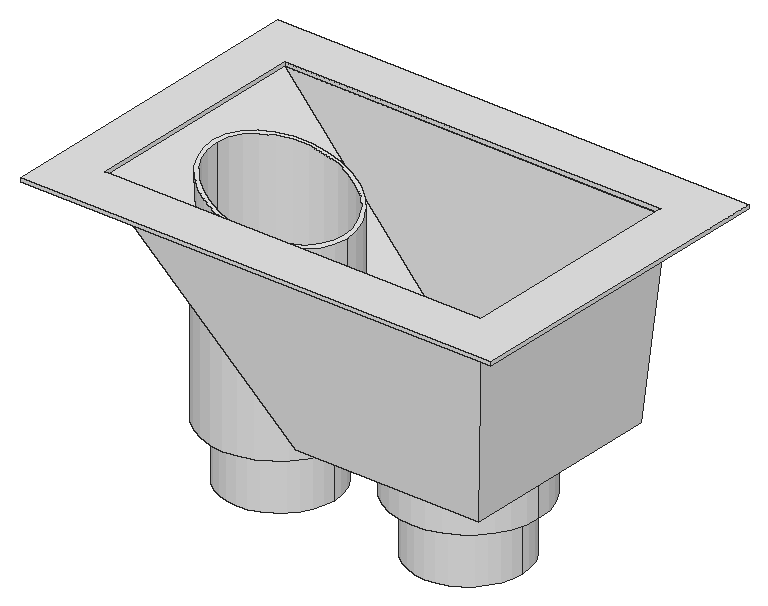
Revit family "Viking Roofspec Sump 06 M18", category Pipe Fittings, host Face, Revit 2021
Family settings
  Host = Face
  Round Connector Dimension = Use Diameter
  Part Type = Cap
  Cut with Voids When Loaded = No
  Shared = No
Parameters (values of type "Sumps - (with Weldable Flange) - IMR130T 580x380x249mmd+200mm outlet")
  URL = "www.vikingroofspec.co.nz"
  Type Comments = "Viking Roofspec sump / overflow IMR130T TPO weldable, installed as per manufacturers instructions."
  Pipe Diameter = 200 mm
  Overall Height = 389 mm
  Offset Pipe2 = 114 mm
  Offset Pipe1 = 137 mm
  Model = "IMR130T"
  Material = Viking Roofspec - Plastic White
  Manufacturer = "Viking Roofspec"  # constant formula
  Flow Out = 10.0 L/s
  Flange Cut Width = 380 mm
  Flange Cut Length = 580 mm
  Default Elevation = 0 mm
  Component = IMR130T : IMR130T
Reference planes
  plane 1 "Center (Front/Back)": y = 0
  plane 2: z = 0
  plane 3 "Center (Left/Right)": x = 0
  plane 4 "Pipe Connector": z = -389
  plane 5: x = -290
  plane 6: x = 290
  plane 7: y = -190
  plane 8: y = 190
Forms (mm)
  Extrusion 1, void
    sketch origin (0, 0, 0) x (1, 0, 0) y (0, 1, 0)
      loop
        circle (0, 0) r 115
    from -4 to 0
  Extrusion 2, void
    sketch origin (0, 0, 0) x (1, 0, 0) y (0, 1, 0)
      loop
        line (-290, 190) -> (-290, -190) -> (290, -190) -> (290, 190) -> (-290, 190)
    from 0 to -5
  Extrusion 3, void
    sketch origin (0, 0, 0) x (1, 0, 0) y (0, 1, 0)
      loop
        line (-265, 165) -> (-265, -165) -> (265, -165) -> (265, 165) -> (-265, 165)
    from 0 to -389
  Extrusion 4, solid, not visible
    sketch origin (0, 0, -389) x (0, -1, 0) y (1, 0, 0)
      loop
        circle (0, -137) r 35
    from 0 to 1
  Extrusion 5, solid, not visible
    sketch origin (149.817, 0, -389) x (0, -1, 0) y (1, 0, 0)
      loop
        circle (0, -35.817) r 35
    from 0 to 1
Dimensions and locks
  "Overall Height": host face to plane 4 "Pipe Connector"
  equal spacing: plane 5, plane 3 "Center (Left/Right)", plane 6
  equal spacing: plane 8, plane 1 "Center (Front/Back)", plane 7
  "Flange Cut Length": plane 5 to plane 6
  "Flange Cut Width": plane 8 to plane 7
  locked: plane 8 to Extrusion 3 sketch curve at 25
  locked: Extrusion 3 sketch curve to plane 7 at 25
  locked: plane 5 to Extrusion 3 sketch curve at 25
  locked: Extrusion 3 sketch curve to plane 6 at 25
  "Offset Pipe1": Extrusion 4 sketch curve to nested 1
  "Offset Pipe2": nested 1 to Extrusion 5 sketch curve
  diameter of Extrusion 1 sketch curve = 230 mm
  aligned and locked: plane 2 to host face
  aligned and locked: level to host face
  aligned and locked: Extrusion 2 to plane 5
  aligned and locked: plane 8 to Extrusion 2
  aligned and locked: plane 6 to Extrusion 2
  aligned and locked: Extrusion 2 to plane 7
  aligned and locked: Extrusion 3 to plane 4 "Pipe Connector"
Automatic sketch dimensions
  host sketch curve to host sketch curve = 2438.4 mm  (x2)
  plane 1 "Center (Front/Back)" to Extrusion 1 sketch curve = 0 mm
  Extrusion 1 sketch curve to plane 3 "Center (Left/Right)" = 0 mm
  Extrusion 2 sketch curve to plane 5 = 0 mm
  Extrusion 2 sketch curve to plane 6 = 0 mm
  Extrusion 2 sketch curve to plane 7 = 0 mm
  Extrusion 2 sketch curve to plane 8 = 0 mm
  plane 1 "Center (Front/Back)" to Extrusion 4 sketch curve = 0 mm
  plane 1 "Center (Front/Back)" to Extrusion 5 sketch curve = 0 mm
  radius of Extrusion 4 sketch curve = 35 mm
  radius of Extrusion 5 sketch curve = 35 mm
Nested families
  nested 1: "IMR130T" at (0, 0, 0), type <- "Component", Material <- "Material", type "IMR130T"
Connectors
  piping at (114, 0, -389), diameter 200, driven by "Pipe Diameter", driven by "Flow Out"
    settings: on Extrusion 5, index 4, connector inside diameter 609.6 mm, connector length 0 mm, flow factor 0, pipe flow 10.0 L/s, pressure drop 0.0 Pa, fitting loss kfactor 0, connector angle 0.00°, fixture units 0, engagement length 0 mm, angle of deflection 0.00°, flow configuration 1, flow direction 2, fitting loss method 4, system type 16, joint type 0, gender type 0, connector reference index -1, connector utility 0, adjustable connector no, is connector primary yes, connector description "Sump"
  piping at (-137, 0, -389), diameter 200, driven by "Pipe Diameter", driven by "Flow Out"
    settings: on Extrusion 4, index 5, connector inside diameter 609.6 mm, connector length 0 mm, flow factor 0, pipe flow 10.0 L/s, pressure drop 0.0 Pa, fitting loss kfactor 0, connector angle 0.00°, fixture units 0, engagement length 0 mm, angle of deflection 0.00°, flow configuration 1, flow direction 2, fitting loss method 4, system type 16, joint type 0, gender type 0, connector reference index -1, connector utility 0, adjustable connector no, is connector primary no, connector description "Sump Overflow"
Definition of nested family "IMR130T"
  Parameters (values of type "IMR130T")
    Material [instance] = none
    Default Elevation = 1219.2 mm
  Reference planes
    plane 1 "Center (Front/Back)": y = 0
    plane 2: z = 0
    plane 3 "Center (Left/Right)": x = 0
  Forms (mm)
    Revolve 1, solid, material <- "Material"
      sketch origin (-111.657, 0, -78.992) x (1, 0, 0) y (0, 0, 1)
        loop
          line (-98.172, -235.225) -> (-98.172, -310.021) -> (-25.672, -310.021) -> (-25.672, 55.02) -> (-120.672, 55.02) -> (-120.672, -235.225) -> (-98.172, -235.225)
        axis (-25.672, -310.021) -> (-25.672, 55.02)
      angle from 0 to 360
    Extrusion 2, solid, material <- "Material"
      sketch origin (0, 0, 0) x (0, 1, 0) y (0, 0, 1)
        loop
          line (-190, 0) -> (-190, -5) -> (-154.571, -5) -> (-134.998, -249.217) -> (134.998, -249.217) -> (154.571, -5) -> (190, -5) -> (190, 0) -> (-190, 0)
      from -287.697 to 291.503
    Extrusion 3, void
      sketch origin (0, 0, 0) x (1, 0, 0) y (0, 0, 1)
        loop
          line (-308.389, -5) -> (-308.389, -268.338) -> (6.969, -268.338) -> (6.969, -264.634) -> (-253.525, -5) -> (-308.389, -5)
      from -198.718 to 250
    Extrusion 4, void
      sketch origin (0, 0, 0) x (-1, 0, 0) y (0, 0, -1)
        loop
          line (-307.108, 5) -> (-256.074, 5) -> (-234.969, 268.338) -> (-307.108, 268.338) -> (-307.108, 5)
      from -198.718 to 250
    Blend 5, void
      base sketch origin (0, 0, 0) x (1, 0, 0) y (0, 1, 0)
        loop
          line (251.472, 149.971) -> (-251.527, 149.971) -> (-251.527, -149.971) -> (251.472, -149.971) -> (251.472, 149.971)
      top sketch origin (0, 0, 0) x (1, 0, 0) y (0, 1, 0)
        loop
          line (-6.537, 130.389) -> (-6.537, -130.389) -> (231.895, -130.389) -> (231.895, 130.389) -> (-6.537, 130.389)
      from 0 to -244.217
    Revolve 6, solid, material <- "Material"
      sketch origin (-50.015, 0, 0) x (1, 0, 0) y (0, 0, 1)
        loop
          line (-177.314, -10.591) -> (-177.314, -228.95) -> (-172.314, -228.95) -> (-172.314, -10.591) -> (-177.314, -10.591)
        axis (-87.314, -228.95) -> (-87.314, -10.591)
      angle from 0 to 360
    Extrusion 7, void
      sketch origin (-50.015, 0, 0) x (1, 0, 0) y (0, 0, 1)
        loop
          line (-181.78, -13.161) -> (7.82, -70.896) -> (7.82, -8.113) -> (-181.78, -8.113) -> (-181.78, -13.161)
      from -115.899 to 102.256
    Extrusion 8, void
      sketch origin (-166.443, 0, 0) x (1, 0, 0) y (0, 1, 0)
        loop
          circle (29.114, 0) r 85
      from -16.513 to -309.217
    Revolve 9, solid, material <- "Material"
      sketch origin (139.673, 0, -78.992) x (1, 0, 0) y (0, 0, 1)
        loop
          line (-98.172, -235.225) -> (-98.172, -310.021) -> (-25.672, -310.021) -> (-25.672, -167.008) -> (-120.672, -167.008) -> (-120.672, -235.225) -> (-98.172, -235.225)
        axis (-25.672, -310.021) -> (-25.672, -167.008)
      angle from 0 to 360
    Extrusion 10, void
      sketch origin (0, 0, 0) x (1, 0, 0) y (0, 1, 0)
        loop
          circle (114.001, 0) r 90
      from -309.217 to -228.95
    Extrusion 11, solid, material <- "Material"
      sketch origin (0, 0, 0) x (1, 0, 0) y (0, 1, 0)
        loop
          line (-312.697, 215) -> (-312.697, -215) -> (316.503, -215) -> (316.503, 215) -> (-312.697, 215)
        loop
          line (-251.527, 149.971) -> (-251.527, -149.971) -> (251.472, -149.971) -> (251.472, 149.971) -> (-251.527, 149.971)
      from 0 to 5
  Cuts and joins
    Blend 5, Extrusion 8 cuts Revolve 1
    Extrusion 3, Extrusion 4, Blend 5, Extrusion 8, Extrusion 10 cuts Extrusion 2
    Extrusion 7 cuts Revolve 6
    Extrusion 10 cuts Revolve 9
    joined: Revolve 1, Extrusion 2, Revolve 6, Revolve 9
  Dimensions and locks
    aligned and locked: level to plane 2
